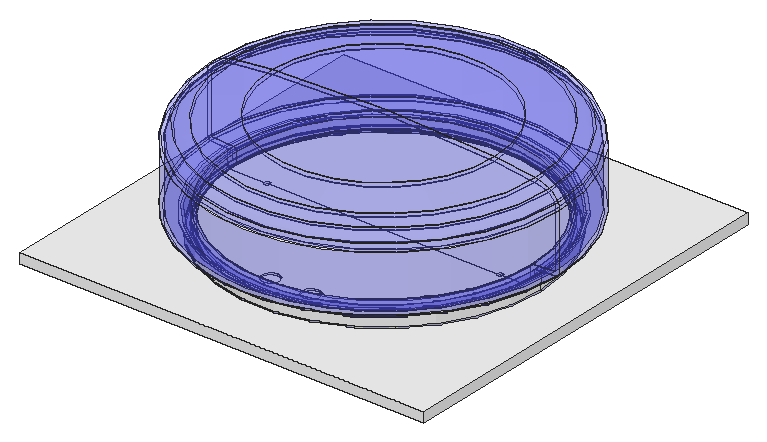
Revit family "BE_50031_de_DE", category Leuchten, Revit 2020
Family settings
  Basisbauteil = Fläche
  Bemaßung runder Anschluss = Durchmesser verwenden
  Teiletyp = Normal
  Beim Laden mit Abzugskörper schneiden = Ja
  Lichtquelle = Ja
  Gemeinsam genutzt = Nein
  Raumberechnungspunkt = Ja
Parameters (values of type "BEGA_50031_K3")
  built-in parameter 1150104 = 11.585 (stored number, unit not read)
  Wattage = 16.8 W
  Default Elevation = 0 mm
  built-in parameter 1150113 = 1 (stored number, unit not read)
  built-in parameter 1114218 = 1 (stored number, unit not read)
  Umgebungstemperatur = "25 °C"
  URL = "https://www.bega.com/de/produkt/50031"
  Typenkommentare = "© 2022 BEGA. Wir behalten uns das Recht vor, technische Änderungen ohne vorherige Ankündigung vorzunehmen."  # constant formula
  built-in parameter 1150134 = (empty or 0)
  built-in parameter 1150109 = 1 (stored number, unit not read)
  Strom = ""
  built-in parameter 1150110 = 1 (stored number, unit not read)
  Spannung = 239.996 V
  Sonderanfertigung = no
  Seriennummer [instance] = "Hier können Sie die eindeutige Seriennummer für das Facility Management eintragen."
  Schutzklasse = "I"
  Schutzart = "IP 20"
  Scheinlast = 0 VA
  Produktdatenblatt = "http://www.bega.de/download/Xrfa/db/50031.db.de.pdf"
  Oberflächentemperatur = ""
  Neigungswinkel = 0.00°
  Model = "50031K2"
  Material_17 = BEGA_Reflektor
  Material_15 = BEGA_Leuchtmedium_matt
  Material_11 = BEGA_Glas_opal
  Material_09 = BEGA_Glas_klar
  Material_06 = BEGA_Oberfläche_Edelstahl_gebürstet
  Material_03 = BEGA_Oberfläche_Weiss_matt
  Material_02 = BEGA_Oberfläche_Silber_matt
  Material_01 [instance] = BEGA_Oberfläche_Grafit_matt
  M_W = no
  M_G = no
  M_A = no
  Logo = 0
  built-in parameter 1114217 = 1 (stored number, unit not read)
  built-in parameter 1150139 = (empty or 0)
  built-in parameter 1150105 = 446.55 (stored number, unit not read)
  built-in parameter 1150114 = 1 (stored number, unit not read)
  Lumens = 2094.96 lm
  built-in parameter 1150115 = 1 (stored number, unit not read)
  Leuchtenlichtstrom = "1277 lm"
  Leuchtenanzahl = ""
  Lebensdauerkriterien = "L70B50 @ 25 °C = 210000 h"
  Lastklassifizierung = Beleuchtung
  built-in parameter 1150112 = 1 (stored number, unit not read)
  Lampenlichtstrom = "2095 lm"
  Lamp = "LED 16.8 W"
  LED_Modulbezeichnung = "LED-0511/927"
  Hersteller = "BEGA"  # constant formula
  Halbstreuwinkel = ""
  Gewicht = "3.25 kg"
  Gebrauchslageneinschränkung [instance] = ""
  Frequenz = "0/50-60 Hz"
  Farbwiedergabeindex = "CRI > 90"
  Farbtemperaturverschiebung bei Dämpfen der Lampe = <Keine Auswahl>
  Farbtemperatur = "2700 K"
  Color Filter = 16777215
  built-in parameter 1150133 = 10 (stored number, unit not read)
  Energieeffizienzklasse = "LED A++ - A"
  built-in parameter 1150137 = (empty or 0)
  built-in parameter 1150132 = (empty or 0)
  ENEC = "ja"
  Dimmbar [instance] = ""
  Photometric Web File = "BE_50031K2.IES"
  CE_Konformität = "ja"
  Bestellnummer = "50031K2"
  Beschreibung_Sonderanfertigung = "Hier können Sie Informationen zur Sonderanfertigung eintragen."
  Beschreibung = "Decken- und Wandleuchte"
  built-in parameter 1150106 = 4.4655 (stored number, unit not read)
  Befestigungsbohrung = "Ø 5,5 mm"
  Befestigungsabstand = "230 mm"
  Ballwurfsicher = ""
  BEGA_Intern_aus = yes
  BEGA_Intern_an = yes
  BEGA_Intern_Konstruktion = yes
  BEGA_Intern = yes
  BEGA_IES = yes
  BEGA_Dummy = no
  Anschlussleitung = ""
  Anschlussleistung [instance] = "20 W"
  Anschlusskasten = ""
  built-in parameter 1150107 = 2700 (stored number, unit not read)
  built-in parameter 1150102 = (empty or 0)
  built-in parameter 1150138 = (empty or 0)
  Aktualisierung = "2020-05-11T04:00:10"
  Abstand_zur_angestrahlten_Fläche [instance] = ""
  AC/DC = "AC/DC"
Types (3, lengths in mm): name | built-in parameter 1150104 | built-in parameter 1150134 | Model | built-in parameter 1150105 | Lumens | Leuchtenlichtstrom | Lampenlichtstrom | LED_Modulbezeichnung | Farbtemperatur | Photometric Web File | Bestellnummer | built-in parameter 1150106 | built-in parameter 1150107
  BEGA_50031_K3 | 11.669 (stored number, unit not read) | (empty or 0) | "50031K3" | 449.72 (stored number, unit not read) | 2110.08 lm | "1473 lm" | "2415 lm" | "LED-0511/930" | "3000 K" | "BE_50031K3.IES" | "50031K3" | 4.4972 (stored number, unit not read) | 3000 (stored number, unit not read)
  BEGA_50031_K4 | 12.077 (stored number, unit not read) | 12 | "50031K4" | 173.8 (stored number, unit not read) | 2184 lm | "1529 lm" | "2510 lm" | "LED-0511/940" | "4000 K" | "BE_50031K4.IES" | "50031K4" | 1.738 (stored number, unit not read) | 4000 (stored number, unit not read)
  BEGA_50031_K27 | 12.077 (stored number, unit not read) | 12 | "50031K27" | 173.8 (stored number, unit not read) | 2184 lm | "1423 lm" | "2335 lm" | "LED-0511/927" | "2700 K" | "BE_50031K27.IES" | "50031K27" | 1.738 (stored number, unit not read) | 4000 (stored number, unit not read)
Reference planes
  plane 1 "Mitte (Vorne/Hinten)": y = 0
  plane 2: z = 0
  plane 3 "Mitte (Links/Rechts)": x = 0
  plane 4 "Links": x = -174
  plane 5 "Rechts": x = 174
  plane 6 "Unten": y = -174
  plane 7 "Oben": y = 174
  plane 8 "Vorne": z = 109.9
  plane 9 "Hinten": z = 0
Forms (mm)
  Extrusion 1, solid, material "BEGA_Platte_Weiss"
    sketch origin (0, -1119.2, 0) x (1, 0, 0) y (0, 1, 0)
      loop
        line (-200, 1319.2) -> (-200, 919.2) -> (200, 919.2) -> (200, 1319.2) -> (-200, 1319.2)
    from 0 to -10
  Extrusion 2, solid, material "BEGA_Dummy_matt", visible <- "BEGA_Dummy"
    sketch origin (77.149, -76.023, 0) x (1, 0, 0) y (0, 1, 0)
      loop
        circle (-77.149, 76.023) r 174
    from 0 to 109.9
Dimensions and locks
  plane 1 "Mitte (Vorne/Hinten)" to Extrusion 1 = 200 mm
  aligned and locked: plane 2 to Extrusion 1
  aligned and locked: level to Extrusion 1
Nested families
  nested 1: "BE_50031" at (0, 0, 0) x (0, -1, 0) z (0, 0, 1), type "BE_50031"
Connectors
  electrical at (0, 0, 0), driven by "Lastklassifizierung", driven by "Spannung", driven by "Scheinlast"
    settings: index 1, voltage 239.996 V, apparent load 0 VA, apparent load phase1 0 VA, apparent load phase2 0 VA, apparent load phase3 0 VA, power factor 1, load classification "Beleuchtung", number of poles 1, system type 31, power factor state 1, is connector primary yes, connector utility no, sub classification motor no, connector description ""
Definition of nested family "BE_50031"
  Parameters (values of type "BE_50031")
    Default Elevation = 1 mm
    URL = "http://www.bega.de/de/produkt"
    Type Comments = "© 2015 BEGA. Wir behalten uns das Recht vor, technische Änderungen ohne vorherige Ankündigung vorzunehmen. "  # constant formula
    Type Image = (empty or 0)
    Neigungswinkel_um_Z2 = 0.00°
    Neigungswinkel_um_Z1 = 0.00°
    Neigungswinkel_um_Y2 = 0.00°
    Neigungswinkel_um_Y1 = 0.00°
    Neigungswinkel_um_X2 = 0.00°
    Neigungswinkel_um_X1 = 0.00°
    Material_17 = none
    Material_15 = none
    Material_11 = none
    Material_09 = none
    Material_06 = none
    Material_05 = none
    Material_03 = none
    Material_02 = none
    Material_01 = none
    M_W = yes
    M_G = yes
    M_A = yes
    Länge_Platte = 400 mm  # constant formula
    Höhe_Platte = -10 mm  # constant formula
    Manufacturer = "BEGA"  # constant formula
    Drehwinkel_um_Z2 = 0.00°
    Drehwinkel_um_Z1 = 0.00°
    Breite_Platte = 400 mm  # constant formula
  Reference planes
    plane 1 "Mitte (Oben/Unten)": y = 0
    plane 2: z = 0
    plane 3 "Mitte (Links/Rechts)": x = 0
    plane 4: y = 174
    plane 5: z = 109.9
    plane 6: y = -174
    plane 7: x = -174
    plane 8: x = 174
  Forms (mm)
    Extrusion 1, solid, detail levels medium
      sketch origin (0, 0, 0) x (1, 0, 0) y (0, 1, 0)
        loop
          line (-200, 200) -> (-200, -200) -> (200, -200) -> (200, 200) -> (-200, 200)
      from 0 to -10 <- "Höhe_Platte"
    Revolve 2, solid, material <- "Material_03", detail levels medium+fine
      sketch origin (0, 0, 0) x (0, 1, 0) y (0, 0, 1)
        loop
          line (159, 19.8) -> (159, 20.8) -> (156.831, 20.8)
          arc (156.831, 20.8) -> (155.563, 20.284) -> (155.024, 19.025) r 1.8
          line (155.024, 19.025) -> (154.767, 4.283)
          arc (154.767, 4.283) -> (154.468, 3.587) -> (153.767, 3.3) r 1
          line (153.767, 3.3) -> (0, 3.3) -> (0, 2.3) -> (153.767, 2.3)
          arc (153.767, 2.3) -> (155.169, 2.873) -> (155.767, 4.265) r 2
          line (155.767, 4.265) -> (156.024, 19.01)
          arc (156.024, 19.01) -> (156.264, 19.571) -> (156.829, 19.8) r 0.8
          line (156.829, 19.8) -> (159, 19.8)
        axis (0, 2.3) -> (0, 20.8)
      angle from 0 to 360
    Revolve 3, solid, material <- "Material_03", detail levels medium+fine
      sketch origin (0, 0, 0) x (0, 1, 0) y (0, 0, 1)
        loop
          arc (124.13, 1.943) -> (124.474, 2.206) -> (124.896, 2.3) r 1
          line (124.896, 2.3) -> (125.896, 3.3) -> (117.75, 3.3) -> (117.75, 0) -> (121.108, 0)
          arc (121.108, 0) -> (122.369, 0.281) -> (123.395, 1.067) r 3
          line (123.395, 1.067) -> (124.13, 1.943)
        axis (115, 3.3) -> (115, 0)
      angle from 0 to 360
    Extrusion 4, void
      sketch origin (0, 0, 0) x (1, 0, 0) y (0, 1, 0)
        loop
          circle (115, 20) r 8.5
        loop
          circle (0, 115) r 2.75
        loop
          circle (0, -115) r 2.75
        loop
          circle (115, -20) r 8.5
      from 0 to 7.205
    Revolve 5, solid, material <- "Material_11", detail levels medium+fine
      sketch origin (0, 0, 0) x (0, 1, 0) y (0, 0, 1)
        loop
          arc (150.036, 101.343) -> (130.076, 104.141) -> (110.006, 106.001) r 430
          arc (110.006, 106.001) -> (55.038, 108.925) -> (0, 109.9) r 1553.99
          line (0, 109.9) -> (0, 105.9)
          arc (0, 105.9) -> (54.9, 104.927) -> (109.731, 102.01) r 1549.989
          arc (109.731, 102.01) -> (129.596, 100.17) -> (149.352, 97.401) r 426
          arc (149.352, 97.401) -> (156.196, 95.732) -> (162.704, 93.037) r 46
          arc (162.704, 93.037) -> (166.507, 90.109) -> (168.988, 86) r 13
          arc (168.988, 86) -> (169.743, 83.257) -> (170, 80.424) r 16
          line (170, 80.424) -> (170, 25.506) -> (148.791, 24.394)
          arc (148.791, 24.394) -> (146.425, 23.461) -> (145.1, 21.289) r 4
          line (145.1, 21.289) -> (145.1, 11.074)
          arc (145.1, 11.074) -> (145.5, 9.577) -> (146.592, 8.479) r 3.001
          line (146.592, 8.479) -> (148.263, 7.514)
          arc (148.263, 7.514) -> (149.358, 6.407) -> (149.75, 4.9) r 3.002
          line (149.75, 4.9) -> (153.75, 4.9) -> (153.75, 8.384)
          arc (153.75, 8.384) -> (153.617, 8.887) -> (153.25, 9.256) r 1
          line (153.25, 9.256) -> (149.499, 11.421)
          arc (149.499, 11.421) -> (149.133, 11.787) -> (148.999, 12.287) r 1
          line (148.999, 12.287) -> (149, 19.451)
          arc (149, 19.451) -> (149.272, 20.136) -> (149.94, 20.449) r 1
          line (149.94, 20.449) -> (171.157, 21.561)
          arc (171.157, 21.561) -> (173.176, 22.492) -> (174, 24.557) r 3
          line (174, 24.557) -> (174, 80.418)
          arc (174, 80.418) -> (173.68, 83.965) -> (172.735, 87.4) r 20
          arc (172.735, 87.4) -> (169.48, 92.785) -> (164.489, 96.617) r 17
          arc (164.489, 96.617) -> (157.443, 99.532) -> (150.036, 101.343) r 50
        axis (0, 109.9) -> (0, 4.9)
      angle from 0 to 360
    Revolve 6, solid, material <- "Material_03", detail levels medium+fine
      sketch origin (0, 0, 0) x (0, -1, 0) y (0, 0, 1)
        loop
          arc (124.13, 1.943) -> (124.474, 2.206) -> (124.896, 2.3) r 1
          line (124.896, 2.3) -> (125.896, 3.3) -> (117.75, 3.3) -> (117.75, 0) -> (121.108, 0)
          arc (121.108, 0) -> (122.369, 0.281) -> (123.395, 1.067) r 3
          line (123.395, 1.067) -> (124.13, 1.943)
        axis (115, 3.3) -> (115, 0)
      angle from 0 to 360
  Cuts and joins
    Extrusion 4 cuts Revolve 2
    Extrusion 4 cuts Revolve 3
    joined: Revolve 2, Revolve 3, Revolve 6
  Dimensions and locks
    equal spacing: Extrusion 1 sketch curve, plane 3 "Mitte (Links/Rechts)", Extrusion 1 sketch curve
    equal spacing: Extrusion 1 sketch curve, plane 1 "Mitte (Oben/Unten)", Extrusion 1 sketch curve
    "Länge_Platte": Extrusion 1 sketch curve to Extrusion 1 sketch curve
    "Breite_Platte": Extrusion 1 sketch curve to Extrusion 1 sketch curve
    aligned and locked: plane 2 to Extrusion 1
    aligned and locked: level to Extrusion 1
  Automatic sketch dimensions
    Revolve 2 sketch curve to Revolve 2 sketch curve = 0 mm  (x10)
    Revolve 2 sketch curve to plane 1 "Mitte (Oben/Unten)" = 0 mm  (x2)
    level to Revolve 2 sketch curve = 4.3 mm
    level to Revolve 2 sketch curve = 4.283 mm
    Revolve 2 sketch curve to Revolve 2 sketch curve = 1 mm  (x4)
    Revolve 2 sketch curve to Revolve 2 sketch curve = 0.257 mm
    level to Revolve 2 sketch curve = 4.265 mm
    Revolve 2 sketch curve to Revolve 2 sketch curve = 0.8 mm
    Revolve 2 sketch curve to Revolve 2 sketch curve = 0.004 mm
    Revolve 2 sketch curve to Revolve 2 sketch curve = 0.002 mm
    Revolve 2 sketch curve to Revolve 2 sketch curve = 2.169 mm
    Revolve 2 sketch curve to Revolve 2 sketch curve = 14.735 mm
    Revolve 2 sketch curve to Revolve 2 sketch curve = 0.01 mm
    Revolve 2 sketch curve to Revolve 2 sketch curve = 0.015 mm
    Revolve 2 sketch curve to Revolve 2 sketch curve = 4 mm
    Revolve 3 sketch curve to level = 0 mm
    level to Revolve 3 sketch curve = 3.3 mm
    Revolve 3 sketch curve to Revolve 3 sketch curve = 3.351 mm
    Revolve 3 sketch curve to Revolve 3 sketch curve = 0.007 mm
    level to Revolve 3 sketch curve = 1.067 mm
    level to Revolve 3 sketch curve = 1.3 mm
    Revolve 3 sketch curve to Revolve 3 sketch curve = 1 mm  (x2)
    Revolve 3 sketch curve to Revolve 3 sketch curve = 2.75 mm
    Revolve 3 sketch curve to Revolve 3 sketch curve = 0.766 mm
    Revolve 3 sketch curve to Revolve 3 sketch curve = 0 mm  (x3)
    Revolve 3 sketch curve to level = 2.001 mm
    Revolve 3 sketch curve to Revolve 3 sketch curve = 2 mm
    Revolve 6 sketch curve to level = 0 mm
    Revolve 6 sketch curve to level = 3.3 mm
    Revolve 6 sketch curve to Revolve 6 sketch curve = 3.351 mm
    Revolve 6 sketch curve to Revolve 6 sketch curve = 0.007 mm
    Revolve 6 sketch curve to level = 1.067 mm
    Revolve 6 sketch curve to level = 1.3 mm
    Revolve 6 sketch curve to Revolve 6 sketch curve = 1 mm  (x2)
    Revolve 6 sketch curve to Revolve 6 sketch curve = 2.75 mm
    Revolve 6 sketch curve to Revolve 6 sketch curve = 0.766 mm
    Revolve 6 sketch curve to Revolve 6 sketch curve = 0 mm  (x3)
    level to Revolve 6 sketch curve = 2.001 mm
    Revolve 6 sketch curve to Revolve 6 sketch curve = 2 mm
    Extrusion 4 sketch curve to plane 3 "Mitte (Links/Rechts)" = 0 mm  (x2)
    plane 1 "Mitte (Oben/Unten)" to Extrusion 4 sketch curve = 20 mm
    Extrusion 4 sketch curve to plane 1 "Mitte (Oben/Unten)" = 20 mm
    Revolve 5 sketch curve to Revolve 5 sketch curve = 0 mm  (x33)
    plane 1 "Mitte (Oben/Unten)" to Revolve 5 sketch curve = 0.01 mm
    plane 1 "Mitte (Oben/Unten)" to Revolve 5 sketch curve = 0 mm
    level to Revolve 5 sketch curve = 8.479 mm
    Revolve 5 sketch curve to Revolve 5 sketch curve = 1.492 mm
    Revolve 5 sketch curve to Revolve 5 sketch curve = 0.156 mm
    Revolve 5 sketch curve to Revolve 5 sketch curve = 1.509 mm
    level to Revolve 5 sketch curve = 7.514 mm
    Revolve 5 sketch curve to Revolve 5 sketch curve = 1.671 mm
    Revolve 5 sketch curve to Revolve 5 sketch curve = 3.9 mm
    level to Revolve 5 sketch curve = 11.421 mm
    Revolve 5 sketch curve to Revolve 5 sketch curve = 1.397 mm
    Revolve 5 sketch curve to Revolve 5 sketch curve = 3.001 mm
    Revolve 5 sketch curve to Revolve 5 sketch curve = 0.94 mm
    Revolve 5 sketch curve to Revolve 5 sketch curve = 1 mm  (x3)
    Revolve 5 sketch curve to Revolve 5 sketch curve = 0.501 mm
    Revolve 5 sketch curve to Revolve 5 sketch curve = 3.251 mm
    Revolve 5 sketch curve to Revolve 5 sketch curve = 2.81 mm
    Revolve 5 sketch curve to Revolve 5 sketch curve = 20.06 mm
    Revolve 5 sketch curve to Revolve 5 sketch curve = 4 mm  (x2)
    Revolve 5 sketch curve to Revolve 5 sketch curve = 2.591 mm
    Revolve 5 sketch curve to level = 322.977 mm
    Revolve 5 sketch curve to Revolve 5 sketch curve = 1121.112 mm
    Revolve 5 sketch curve to Revolve 5 sketch curve = 0.001 mm
    Revolve 5 sketch curve to Revolve 5 sketch curve = 3.485 mm
    Revolve 5 sketch curve to Revolve 5 sketch curve = 0.005 mm
    Revolve 5 sketch curve to Revolve 5 sketch curve = 0.348 mm
    Revolve 5 sketch curve to Revolve 5 sketch curve = 0.866 mm
    Revolve 5 sketch curve to Revolve 5 sketch curve = 7.164 mm
    Revolve 5 sketch curve to Revolve 5 sketch curve = 0.049 mm
    Revolve 5 sketch curve to Revolve 5 sketch curve = 0.889 mm
    Revolve 5 sketch curve to Revolve 5 sketch curve = 4.108 mm
    Revolve 5 sketch curve to Revolve 5 sketch curve = 0.949 mm
    Revolve 5 sketch curve to Revolve 5 sketch curve = 28.392 mm
    Revolve 5 sketch curve to Revolve 5 sketch curve = 0.006 mm
    Revolve 5 sketch curve to Revolve 5 sketch curve = 1.05 mm
    Revolve 5 sketch curve to Revolve 5 sketch curve = 0.275 mm
    Revolve 5 sketch curve to Revolve 5 sketch curve = 0.209 mm
    Revolve 5 sketch curve to Revolve 5 sketch curve = 0.5 mm  (x2)
    Revolve 5 sketch curve to Revolve 5 sketch curve = 0.683 mm
    level to Revolve 5 sketch curve = 9.256 mm
    Revolve 5 sketch curve to Revolve 5 sketch curve = 5.894 mm
    Revolve 5 sketch curve to Revolve 5 sketch curve = 1.785 mm
    Revolve 5 sketch curve to Revolve 5 sketch curve = 1.012 mm
    Revolve 5 sketch curve to Revolve 5 sketch curve = 0.157 mm
    level to Revolve 5 sketch curve = 21.561 mm
    Revolve 5 sketch curve to Revolve 5 sketch curve = 3.747 mm
    Revolve 5 sketch curve to Revolve 5 sketch curve = 27.614 mm
    Revolve 5 sketch curve to Revolve 5 sketch curve = 1.032 mm
    level to Revolve 5 sketch curve = 105.9 mm
    Revolve 5 sketch curve to Revolve 5 sketch curve = 13.352 mm
    Revolve 5 sketch curve to Revolve 5 sketch curve = 40 mm
    plane 3 "Mitte (Links/Rechts)" to Extrusion 4 sketch curve = 115 mm
    Extrusion 4 sketch curve to Extrusion 4 sketch curve = 0 mm
    plane 4 to Revolve 2 sketch curve = 20.233 mm
    plane 4 to Revolve 3 sketch curve = 56.25 mm
    Revolve 3 sketch curve to Revolve 3 sketch curve = 2.287 mm
    Revolve 3 sketch curve to Revolve 3 sketch curve = 1.501 mm
    plane 4 to Extrusion 4 sketch curve = 59 mm
    Revolve 5 sketch curve to plane 4 = 0 mm
    Revolve 5 sketch curve to plane 1 "Mitte (Oben/Unten)" = 80.374 mm
    Revolve 5 sketch curve to Revolve 5 sketch curve = 6.887 mm
    Revolve 5 sketch curve to Revolve 5 sketch curve = 14.988 mm
    plane 5 to Revolve 5 sketch curve = 7.89 mm
    plane 6 to Extrusion 4 sketch curve = 59 mm
    Revolve 6 sketch curve to plane 6 = 56.25 mm
    Revolve 6 sketch curve to Revolve 6 sketch curve = 2.287 mm
    Revolve 6 sketch curve to Revolve 6 sketch curve = 1.501 mm
    radius of Extrusion 4 sketch curve = 8.5 mm  (x2)
    radius of Extrusion 4 sketch curve = 2.75 mm  (x2)
